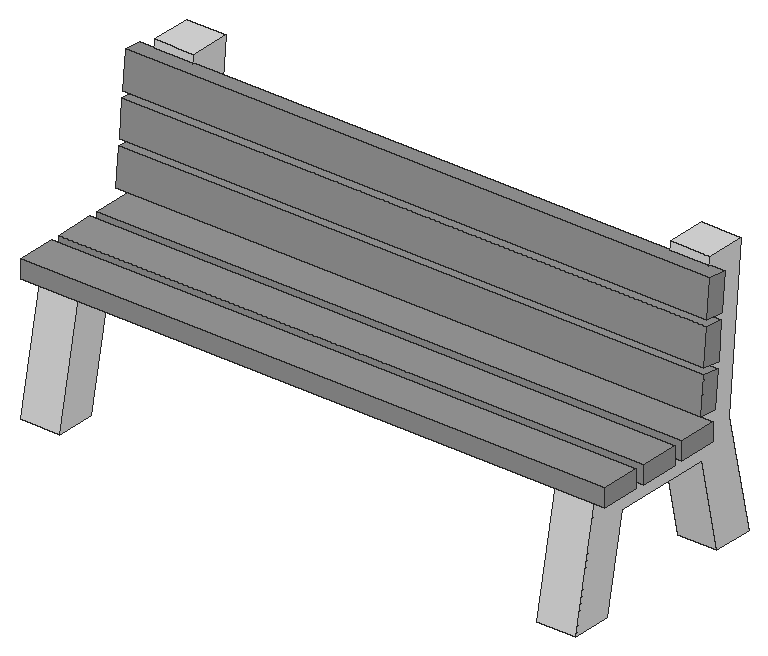
Revit family "skamya_duet", category Антураж, Revit 2017
Family settings
  На основе рабочей плоскости = Нет
  Всегда вертикально = Да
  При загрузке вырезать с полостями = Нет
  Источник визуального образа = Геометрия семейства
  Общий = Нет
  Точка расчета площади = Нет
Parameters (values of type ""Дуэт" Морская соль")
  Ширина сечения стойки [instance] = 130 mm
  Ширина = 720 mm
  Материал настила = Настил
  Производитель = "ГК Очаковский комбинат ЖБИ"  # constant formula
  Позиция = ""
  Поверхность = ""
  Площадь [instance] = 1.141 m²
  Описание изделия [instance] = "Скамья «Дуэт» выглядит воздушно и легко, не загромождая окружающее пространство. Деревянная спинка и сиденье обеспечивают комфортное использование как в жаркую,так в прохладную погоду."
  Объем бетона = 0.049 m³
  Наименование = "Скамья \"Дуэт\""
  Морозостойкость [instance] = "F150"
  Материал = Очаковский_Морская_соль
  Масса [instance] = 122.00 kg
  Класс бетона [instance] = "В30"
  Защитное покрытие [instance] = 1.09
  Длина = 1950 mm
  Высота сиденья [instance] = 375 mm
  Watermarked By = ""
  Высота = 890 mm
  Водонепроницаемость [instance] = "W8"
  URL = "http://file-system.ru/catalog/blagoustroystvo/sadovo_parkovaya_mebel/spm_skameyki/_duet_skamya/"
Types (8, lengths in mm): name | Материал | URL
  (no name) | Очаковский_Морская_соль | "http://file-system.ru/catalog/blagoustroystvo/sadovo_parkovaya_mebel/spm_skameyki/_duet_skamya/"
  "Дуэт" Белый шелк | Очаковский_Белый_Шелк | 0
  "Дуэт" Крымский берег | Очаковский_Крымский_берег | 0
  "Дуэт" Московский гравий | Очаковский_Московский_гравий | 0
  "Дуэт" Морская соль | Очаковский_Морская_соль | "http://file-system.ru/catalog/blagoustroystvo/sadovo_parkovaya_mebel/spm_skameyki/_duet_skamya/"
  "Дуэт" Черный шелк | Очаковский_Черный_шелк | 0
  "Дуэт" Черный глянец | Очаковский_Черный_глянец | 0
  "Дуэт" Шахматка | Очаковский_Шахматка | 0
Reference planes
  plane 1 "По центру (Вперед/Назад)": y = 0
  plane 2: z = 0
  plane 3 "По центру (Влево/Вправо)": x = 0
  plane 4: z = 890
  plane 5: x = -975
  plane 6: x = 975
  plane 7: y = -360
  plane 8: y = 360
  plane 9: x = -925
  plane 10: x = 925
  plane 11: z = 375
  plane 12: x = -795
  plane 13: x = 795
  plane 14: y = 150
  plane 15: y = -280
Forms (mm)
  Extrusion 1, solid, material "Очаковский_Морская_соль" <- "Материал", detail levels medium+fine
    sketch origin (795, -1524, 1090) x (0, 0, 1) y (0, -1, 0)
      loop
        line (-1090, -1884) -> (-715, -1804) -> (-200, -1854) -> (-200, -1724) -> (-715, -1674) -> (-715, -1244) -> (-1090, -1164) -> (-1090, -1294) -> (-795, -1356.933) -> (-795, -1691.067) -> (-1090, -1754) -> (-1090, -1884)
    from 0 to 130
  Extrusion 2, solid, material "Очаковский_Морская_соль" <- "Материал", detail levels medium+fine
    sketch origin (-925, -1524, 1090) x (0, 0, 1) y (0, -1, 0)
      loop
        line (-1090, -1884) -> (-715, -1804) -> (-200, -1854) -> (-200, -1724) -> (-715, -1674) -> (-715, -1244) -> (-1090, -1164) -> (-1090, -1294) -> (-795, -1356.933) -> (-795, -1691.067) -> (-1090, -1754) -> (-1090, -1884)
    from 0 to 130
  Extrusion 3, solid, material "Настил" <- "Материал настила", detail levels medium+fine
    sketch origin (-975, 837.363, 1200) x (0, 1, 0) y (0, 0, 1)
      loop
        line (-687.363, -825) -> (-687.363, -765) -> (-817.363, -765) -> (-817.363, -825) -> (-687.363, -825)
      loop
        line (-1007.363, -825) -> (-1007.363, -765) -> (-1137.363, -765) -> (-1137.363, -825) -> (-1007.363, -825)
      loop
        line (-847.363, -825) -> (-847.363, -765) -> (-977.363, -765) -> (-977.363, -825) -> (-847.363, -825)
    from 0 to 1950
  Extrusion 4, solid, material "Настил" <- "Материал настила", detail levels medium+fine
    sketch origin (-975, 837.363, 1200) x (0, 1, 0) y (0, 0, 1)
      loop
        line (-699.509, -329.202) -> (-711.105, -448.64) -> (-651.386, -454.438) -> (-639.79, -335) -> (-699.509, -329.202)
      loop
        line (-713.038, -468.547) -> (-724.634, -587.985) -> (-664.915, -593.783) -> (-653.319, -474.345) -> (-713.038, -468.547)
      loop
        line (-726.567, -607.892) -> (-738.163, -727.33) -> (-678.443, -733.128) -> (-666.847, -613.69) -> (-726.567, -607.892)
    from 0 to 1950
Dimensions and locks
  "Высота": plane 4 to plane 2
  equal spacing: plane 8, plane 1 "По центру (Вперед/Назад)", plane 7
  "Ширина": plane 8 to plane 7
  equal spacing: plane 5, plane 3 "По центру (Влево/Вправо)", plane 6
  "Длина": plane 5 to plane 6
  "Ширина сечения стойки": plane 10 to plane 13
  "Ширина сечения стойки": plane 12 to plane 9
  locked: plane 6 to plane 10 at 50
  locked: plane 9 to plane 5 at 50
  aligned and locked: level to plane 2
  aligned and locked: plane 10 to Extrusion 1
  aligned and locked: plane 12 to Extrusion 2
  aligned and locked: plane 6 to Extrusion 3
  aligned and locked: plane 6 to Extrusion 4
  aligned and locked: plane 3 "По центру (Влево/Вправо)" to nested 1
  aligned and locked: plane 1 "По центру (Вперед/Назад)" to nested 1
Automatic sketch dimensions
  Extrusion 1 sketch curve to level = 0 mm  (x2)
  plane 11 to Extrusion 1 sketch curve = 0 mm  (x2)
  plane 4 to Extrusion 1 sketch curve = 0 mm
  Extrusion 1 sketch curve to plane 8 = 0 mm
  Extrusion 1 sketch curve to plane 7 = 0 mm
  plane 11 to Extrusion 1 sketch curve = 80 mm
  Extrusion 1 sketch curve to plane 8 = 30 mm
  Extrusion 1 sketch curve to plane 8 = 80 mm
  Extrusion 1 sketch curve to plane 8 = 130 mm
  Extrusion 1 sketch curve to Extrusion 1 sketch curve = 130 mm  (x2)
  Extrusion 1 sketch curve to Extrusion 1 sketch curve = 112.933 mm
  Extrusion 1 sketch curve to Extrusion 1 sketch curve = 17.067 mm
  plane 1 "По центру (Вперед/Назад)" to Extrusion 1 sketch curve = 167.067 mm
  plane 7 to Extrusion 1 sketch curve = 80 mm
  Extrusion 2 sketch curve to level = 0 mm  (x2)
  plane 11 to Extrusion 2 sketch curve = 0 mm  (x2)
  plane 4 to Extrusion 2 sketch curve = 0 mm
  Extrusion 2 sketch curve to plane 8 = 0 mm
  Extrusion 2 sketch curve to plane 7 = 0 mm
  plane 11 to Extrusion 2 sketch curve = 80 mm
  Extrusion 2 sketch curve to plane 8 = 30 mm
  Extrusion 2 sketch curve to plane 8 = 80 mm
  Extrusion 2 sketch curve to Extrusion 2 sketch curve = 130 mm  (x2)
  Extrusion 2 sketch curve to Extrusion 2 sketch curve = 112.933 mm
  Extrusion 2 sketch curve to Extrusion 2 sketch curve = 17.067 mm
  plane 1 "По центру (Вперед/Назад)" to Extrusion 2 sketch curve = 167.067 mm
  plane 7 to Extrusion 2 sketch curve = 130 mm
  plane 7 to Extrusion 2 sketch curve = 80 mm
  plane 11 to Extrusion 3 sketch curve = 0 mm  (x3)
  plane 15 to Extrusion 3 sketch curve = 20 mm
  plane 1 "По центру (Вперед/Назад)" to Extrusion 3 sketch curve = 10 mm
  Extrusion 3 sketch curve to plane 14 = 0 mm
  Extrusion 3 sketch curve to Extrusion 3 sketch curve = 130 mm
  Extrusion 3 sketch curve to Extrusion 3 sketch curve = 30 mm  (x2)
  Extrusion 3 sketch curve to plane 11 = 60 mm  (x2)
  Extrusion 3 sketch curve to Extrusion 3 sketch curve = 0 mm
  plane 14 to Extrusion 4 sketch curve = 50.8 mm
  plane 14 to Extrusion 4 sketch curve = 39.204 mm
  Extrusion 4 sketch curve to Extrusion 4 sketch curve = 1.933 mm  (x4)
  plane 14 to Extrusion 4 sketch curve = 25.675 mm
  plane 14 to Extrusion 4 sketch curve = 12.146 mm
  Extrusion 4 sketch curve to plane 14 = 8.92 mm
  Extrusion 4 sketch curve to plane 11 = 91.872 mm
  Extrusion 4 sketch curve to Extrusion 4 sketch curve = 5.798 mm
  Extrusion 4 sketch curve to Extrusion 4 sketch curve = 19.906 mm  (x4)
Nested families
  nested 1: "Скамья низкая дет" at (0, 0, 0), Высота <- "Высота", Длина <- "Длина", Ширина <- "Ширина", type "Скамья низкая дет"
    with Ширина 720 mm, Длина 1950 mm, Высота 890 mm
Definition of nested family "Скамья низкая дет"
  Parameters (values of type "Скамья низкая дет")
    Ширина [instance] = 1000 mm
    Длина [instance] = 2800 mm
    Высота [instance] = 1096.843 mm
    Watermarked By = ""
    Type Comments = "﻿﻿                    ﻿   ﻿             ﻿     ﻿  ​    ﻿         ﻿      ​   ﻿​    ﻿           ﻿  ﻿    ﻿       ﻿                ﻿​      ﻿​      ﻿                     ﻿ ﻿﻿"
    Keynote = "﻿﻿                    ﻿   ﻿             ﻿     ﻿  ​    ﻿         ﻿      ​   ﻿​    ﻿           ﻿  ﻿    ﻿       ﻿                ﻿​      ﻿​      ﻿                     ﻿ ﻿﻿"
    Description = "﻿﻿                    ﻿   ﻿             ﻿     ﻿  ​    ﻿         ﻿      ​   ﻿​    ﻿           ﻿  ﻿    ﻿       ﻿                ﻿​      ﻿​      ﻿                     ﻿ ﻿﻿"
    Assembly Code = "﻿﻿                    ﻿   ﻿             ﻿     ﻿  ​    ﻿         ﻿      ​   ﻿​    ﻿           ﻿  ﻿    ﻿       ﻿                ﻿​      ﻿​      ﻿                     ﻿ ﻿﻿"
  Reference planes
    plane 1 "По центру (Вперед/Назад)": y = 0
    plane 2: z = 0
    plane 3 "По центру (Влево/Вправо)": x = 0
    plane 4: x = -1400
    plane 5: x = 1400
    plane 6: y = -500
    plane 7: y = 500
    plane 8: z = 1096.843
  Forms (mm)
    Extrusion 1, solid, detail levels coarse
      sketch origin (0, 0, 0) x (1, 0, 0) y (0, 1, 0)
        loop
          line (-1400, 500) -> (-1400, -500) -> (1400, -500) -> (1400, 500) -> (-1400, 500)
      from 0 to 1096.843
  Dimensions and locks
    equal spacing: plane 6, plane 1 "По центру (Вперед/Назад)", plane 7
    "Ширина": plane 6 to plane 7
    equal spacing: plane 4, plane 3 "По центру (Влево/Вправо)", plane 5
    "Длина": plane 4 to plane 5
    "Высота": plane 8 to level
    aligned and locked: level to plane 2
    aligned and locked: Extrusion 1 sketch curve to plane 5
    aligned and locked: Extrusion 1 sketch curve to plane 7
    aligned and locked: Extrusion 1 sketch curve to plane 6
    aligned and locked: Extrusion 1 sketch curve to plane 4
    aligned and locked: plane 8 to Extrusion 1
  Automatic sketch dimensions
    Extrusion 1 sketch curve to plane 5 = 0 mm
